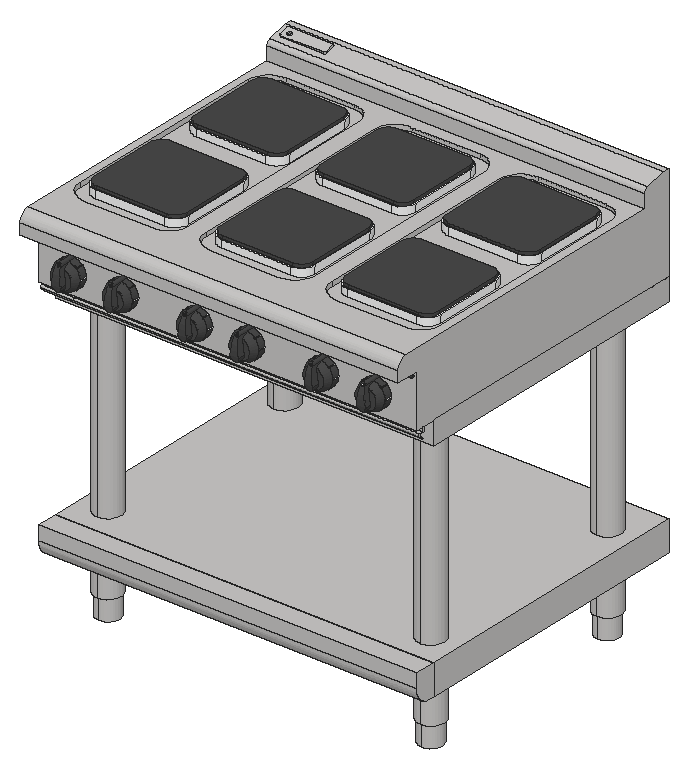
Revit family "QF_Moffat_RNL8600SE-LS_Electric_Cooktops_Sealed_Hobs_cat", category Specialty Equipment, Revit 2019 (continued)
Definition of nested family "QF_LOGO_Waldorf"
  Automatic sketch dimensions
    Extrusion 1 sketch curve to Extrusion 1 sketch curve = 19.783 mm
    Extrusion 1 sketch curve to Extrusion 1 sketch curve = 7.592 mm
    plane 3 "LEFT" to Extrusion 2 sketch curve = 15.25 mm
    Extrusion 2 sketch curve to Extrusion 2 sketch curve = 4.325 mm
    plane 3 "LEFT" to Extrusion 3 sketch curve = 14.75 mm
    Extrusion 3 sketch curve to Extrusion 3 sketch curve = 4.325 mm
    Extrusion 1 to Split face 1 sketch curve = 6.879 mm
    Split face 1 sketch curve to Extrusion 1 = 5.728 mm
    Split face 1 sketch curve to Split face 1 sketch curve = 3.132 mm
    Split face 1 sketch curve to Split face 1 sketch curve = 4.068 mm
    Split face 1 sketch curve to Split face 1 sketch curve = 3.051 mm
    Split face 1 sketch curve to Split face 1 sketch curve = 4.203 mm
    Split face 1 sketch curve to Split face 1 sketch curve = 2.916 mm
    Split face 1 sketch curve to Split face 1 sketch curve = 3.456 mm
    Split face 1 sketch curve to Split face 1 sketch curve = 2.934 mm
    Split face 1 sketch curve to Split face 1 sketch curve = 4.131 mm
    Split face 1 sketch curve to Split face 1 sketch curve = 3.96 mm
    Split face 1 sketch curve to Split face 1 sketch curve = 0 mm  (x2)
    Split face 1 sketch curve to Extrusion 1 = 9.736 mm  (x2)
    Extrusion 1 to Split face 1 sketch curve = 6.337 mm
    Extrusion 1 to Split face 1 sketch curve = 6.231 mm
    Extrusion 1 to Split face 1 sketch curve = 3.184 mm
    Extrusion 1 to Split face 1 sketch curve = 13.135 mm
    Split face 1 sketch curve to Split face 1 sketch curve = 4.652 mm
    Split face 1 sketch curve to Split face 1 sketch curve = 3.593 mm
    Split face 1 sketch curve to Split face 1 sketch curve = 1.863 mm
    Split face 1 sketch curve to Split face 1 sketch curve = 0.713 mm
    Split face 1 sketch curve to Split face 1 sketch curve = 2.684 mm
    Split face 1 sketch curve to Split face 1 sketch curve = 3.294 mm
    Split face 1 sketch curve to Split face 1 sketch curve = 0.459 mm
    Split face 1 sketch curve to Split face 1 sketch curve = 2.775 mm
    Split face 1 sketch curve to Split face 1 sketch curve = 1.89 mm
    Split face 1 sketch curve to Split face 1 sketch curve = 0.685 mm
    Split face 1 sketch curve to Split face 1 sketch curve = 9.486 mm
    Split face 1 sketch curve to Split face 1 sketch curve = 16.213 mm
    Split face 1 sketch curve to Split face 1 sketch curve = 3.48 mm
    Split face 1 sketch curve to Split face 1 sketch curve = 4.918 mm
    Split face 1 sketch curve to Split face 1 sketch curve = 7.609 mm
    Split face 1 sketch curve to Split face 1 sketch curve = 0.01 mm  (x2)
    Split face 1 sketch curve to Split face 1 sketch curve = 0.002 mm
    Split face 2 sketch curve to Extrusion 1 = 11.169 mm
    Extrusion 1 to Split face 2 sketch curve = 25.647 mm
    Split face 2 sketch curve to Split face 2 sketch curve = 3.72 mm
    Split face 2 sketch curve to Extrusion 1 = 11.965 mm
    Split face 2 sketch curve to Split face 2 sketch curve = 0.371 mm
    Split face 2 sketch curve to Extrusion 1 = 6.602 mm
    Split face 2 sketch curve to Split face 2 sketch curve = 2.689 mm
    Split face 2 sketch curve to Split face 2 sketch curve = 0.318 mm
    Split face 2 sketch curve to Split face 2 sketch curve = 3.729 mm
    Split face 2 sketch curve to Split face 2 sketch curve = 0.414 mm
    Split face 2 sketch curve to Split face 2 sketch curve = 0.875 mm
    Split face 2 sketch curve to Split face 2 sketch curve = 0.878 mm
    Split face 3 sketch curve to Extrusion 1 = 8.597 mm
    Extrusion 1 to Split face 3 sketch curve = 29.688 mm
    Split face 3 sketch curve to Extrusion 1 = 9.264 mm
    Split face 3 sketch curve to Split face 3 sketch curve = 2.326 mm
    Split face 4 sketch curve to Extrusion 1 = 5.728 mm
    Extrusion 1 to Split face 4 sketch curve = 38.08 mm
    Split face 4 sketch curve to Split face 4 sketch curve = 3.843 mm
    Split face 4 sketch curve to Extrusion 1 = 9.736 mm
    Split face 5 sketch curve to Extrusion 1 = 9.736 mm
    Split face 5 sketch curve to Extrusion 1 = 43.205 mm
    Split face 5 sketch curve to Extrusion 1 = 6.679 mm
    Split face 5 sketch curve to Split face 5 sketch curve = 0.342 mm
    Split face 5 sketch curve to Split face 5 sketch curve = 3.375 mm
    Split face 5 sketch curve to Split face 5 sketch curve = 0.952 mm
    Split face 5 sketch curve to Split face 5 sketch curve = 3.998 mm
    Split face 6 sketch curve to Extrusion 1 = 7.499 mm
    Split face 6 sketch curve to Extrusion 1 = 44.727 mm
    Split face 6 sketch curve to Split face 6 sketch curve = 2.07 mm
    Split face 7 sketch curve to Extrusion 1 = 5.305 mm
    Split face 7 sketch curve to Extrusion 1 = 32.551 mm
    Split face 7 sketch curve to Split face 7 sketch curve = 4.443 mm
    Split face 8 sketch curve to Extrusion 1 = 7.654 mm
    Split face 8 sketch curve to Extrusion 1 = 32.551 mm
    Split face 8 sketch curve to Split face 8 sketch curve = 2.095 mm
    Split face 9 sketch curve to Extrusion 1 = 5.728 mm
    Split face 9 sketch curve to Extrusion 1 = 25.521 mm
    Split face 9 sketch curve to Split face 9 sketch curve = 3.519 mm
    Split face 9 sketch curve to Split face 9 sketch curve = 0.315 mm
    Split face 9 sketch curve to Split face 9 sketch curve = 3.33 mm
    Split face 9 sketch curve to Split face 9 sketch curve = 3.248 mm
    Split face 9 sketch curve to Split face 9 sketch curve = 1.795 mm
    Split face 9 sketch curve to Split face 9 sketch curve = 3.36 mm
    Split face 9 sketch curve to Split face 9 sketch curve = 1.545 mm
    Split face 9 sketch curve to Split face 9 sketch curve = 0.233 mm
    Split face 10 sketch curve to Extrusion 1 = 18.106 mm
    Split face 10 sketch curve to Split face 10 sketch curve = 1.188 mm  (x2)
    Split face 10 sketch curve to Split face 10 sketch curve = 3.285 mm
    Split face 10 sketch curve to Split face 10 sketch curve = 3.789 mm
    Split face 10 sketch curve to Split face 10 sketch curve = 0 mm  (x2)
    Split face 10 sketch curve to Split face 10 sketch curve = 1.629 mm
    Split face 10 sketch curve to Split face 10 sketch curve = 2.133 mm
    Split face 10 sketch curve to Extrusion 1 = 5.728 mm
    Split face 10 sketch curve to Split face 10 sketch curve = 6.245 mm
    Split face 10 sketch curve to Split face 10 sketch curve = 1.907 mm  (x2)
    Split face 10 sketch curve to Split face 10 sketch curve = 1.197 mm
    Split face 10 sketch curve to Split face 10 sketch curve = 2.19 mm
